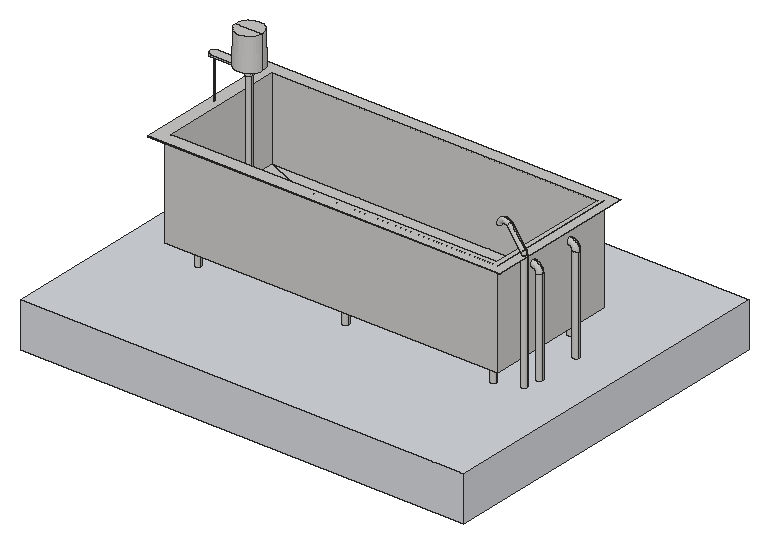
Revit family
Parameters (values of type "F-260-S")
  Waste Connection = yes
  WFU = 0
  Voltage = 0
  Vent Connection = no
  URL = "http://www.whitehallmfg.com"
  Type Comments = ""
  Turbine Assy. - 60 Hz = no
  Turbine Assy. - 50 Hz = no
  Tempered Water Connection = yes
  Revised Date = "23/09/2012"
  Phone# = "626-336-4561"
  Model = "F-260-S"
  Material = 304 Stainless Steel
  Manufacturer = "Whitehall Manufacturing"
  HWFU = 0
  HW Connection = yes
  Designed By = "ATS BIM Team"
  Description = "F Series 260 Gallon Stationary Full Body Immersion Tank F-260-S"
  Default Elevation = 0"
  CWFU = 0
  CW Connection = yes
  Assembly Code = ""
  Amperage = 0
  -WMB Wall Mounting Brackets = no
  -RC Recessed Stainless Steel Cabinet = no
  -PHS2 Patient Handling System (Chair Type) = no
  -PHS1 Patient Handling System (Stretcher Type) = no
  -PCS Pump Cover Strainer = no
  -OEH3 Overhead Electric Hoist (220V 60Hz) = no
  -OEH2 Overhead Electric Hoist (220V 50Hz) = no
  -OEH1 Overhead Electric Hoist (115V 60Hz) = no
  -MXWH Washout Hose Attachment = no
  -MXT5 Thermostatic Mixing Valve (125 G.P.M.) = no
  -MXT4 Thermostatic Mixing Valve (80 G.P.M.) = no
  -MXT3 Thermostatic Mixing Valve (45 G.P.M.) = no
  -GFI Ground Fault Interrupter = no
  -ECR Electric Cord Reel with 25' Cord = no
  -BSS Body Support Stretcher = no
  -BHS Body Hoist Sling = no
  -BH Body Hammock = no
  -AMF Adjustable Mounting Fixture = no
  -AEH Attachment for Electric Hoist = no
Reference planes (in)
  plane 1 "Center (Front/Back)": y = 0
  plane 2: z = 0
  plane 3 "Center (Left/Right)": x = 0
  plane 4: x = 45
  plane 5: x = -45
  plane 6: x = 47.5
  plane 7: x = -47.5
  plane 8: y = 18
  plane 9: y = -18
  plane 10: y = 20.5
  plane 11: y = -20.5
  plane 12: z = 32
  plane 13: z = 10
  plane 14: z = 43.7695312
  plane 15: z = 52.8671875
  plane 16: x = -36.5
  plane 17: y = -6.1875
  plane 18: y = 6.1875
  plane 19: y = -10.5
Forms (in)
  Extrusion 1, solid
    sketch origin (0, 0, 0) x (1, 0, 0) y (0, 1, 0)
      loop
        line (-60, 48) -> (-60, -48) -> (60, -48) -> (60, 48) -> (-60, 48)
    from 0 to -12
  Extrusion 2, solid, material "304 Stainless Steel" <- "Material"
    sketch origin (0, 0, 0) x (1, 0, 0) y (0, 1, 0)
      loop
        line (-45, 18) -> (-45, -18) -> (45, -18) -> (45, 18) -> (-45, 18)
      loop
        line (-44, 17) -> (-44, -17) -> (44, -17) -> (44, 17) -> (-44, 17)
    from 6 to 32
  Extrusion 3, solid, material "304 Stainless Steel" <- "Material"
    sketch origin (0, 0, 6) x (1, 0, 0) y (0, 1, 0)
      loop
        line (-44, 17) -> (-44, -17) -> (44, -17) -> (44, 17) -> (-44, 17)
    from 0 to 4
  Blend 4, void
    base sketch origin (0, 0, 0) x (1, 0, 0) y (0, 1, 0)
      loop
        circle (0, 0) r 1.5
    top sketch origin (0, 0, 0) x (1, 0, 0) y (0, 1, 0)
      loop
        line (-44, 17) -> (-44, -17) -> (44, -17) -> (44, 17) -> (-44, 17)
    from 9.3490258 to 10
  Extrusion 5, solid, material "304 Stainless Steel" <- "Material"
    sketch origin (0, 0, 0) x (1, 0, 0) y (0, 1, 0)
      loop
        circle (-39.9561006, 13) r 0.75
      loop
        circle (-39.9561006, -13) r 0.75
      loop
        circle (39.9561006, 13) r 0.75
      loop
        circle (39.9561006, -13) r 0.75
      loop
        circle (0, 13) r 0.75
      loop
        circle (0, -13) r 0.75
    from 0 to 6
  Extrusion 6, void
    sketch origin (0, 0, 0) x (1, 0, 0) y (0, 1, 0)
      loop
        circle (0, 0) r 1.5
    from 6 to 10
  Revolve 7, solid, material "304 Stainless Steel" <- "Material"
    sketch origin (-44.3103392, 0, -4.2841133) x (1, 0, 0) y (0, 0, 1)
      loop
        line (42.8728392, 12.0081391) -> (42.8103392, 12.0081391) -> (42.8103392, 9.8953281) -> (42.5603392, 9.8953281) -> (42.5603392, 9.3953281) -> (42.3103392, 9.3953281) -> (42.3103392, 8.6453281) -> (42.5603392, 8.6453281) -> (42.5603392, 7.6453281) -> (42.8103392, 7.6453281) -> (42.8103392, 4.2841133) -> (42.8728392, 4.2841133) -> (42.8728392, 12.0081391)
      axis (44.3103392, 4.2841133) -> (44.3103392, 12.0081391)
    angle from 0 to 360
  Sweep 8, solid, material "304 Stainless Steel" <- "Material"
    path origin (-5.0253392, 6.1875, -2.5) x (1, 0, 0) y (0, 0, -1)
      loop
        line (51.9353392, -2.5) -> (51.9353392, -28.3481295)
        arc (51.9353392, -28.3481295) -> (51.4491365, -29.5219268) -> (50.2753392, -30.0081295) r 1.66
        line (50.2753392, -30.0081295) -> (50.0253392, -30.0081295)
    profile origin (46.91, 6.1875, 12.9240648) x (1, 0, 0) y (0, 1, 0)
      loop
        circle (0, 0) r 0.83
  Sweep 9, solid, material "304 Stainless Steel" <- "Material"
    path origin (-5.0253392, -6.1875, -2.5) x (1, 0, 0) y (0, 0, 1)
      loop
        line (51.9353392, 2.5) -> (51.9353392, 28.3481295)
        arc (51.9353392, 28.3481295) -> (51.4491365, 29.5219268) -> (50.2753392, 30.0081295) r 1.66
        line (50.2753392, 30.0081295) -> (50.0253392, 30.0081295)
    profile origin (46.91, -6.1875, 12.9240648) x (-1, 0, 0) y (0, -1, 0)
      loop
        circle (0, 0) r 0.83
  Extrusion 10, solid, material "304 Stainless Steel" <- "Material"
    sketch origin (0, 0, -0.125) x (1, 0, 0) y (0, 1, 0)
      loop
        line (-47.5, 20.5) -> (-47.5, -20.5) -> (47.5, -20.5) -> (47.5, 20.5) -> (-47.5, 20.5)
      loop
        line (-44, 17) -> (-44, -17) -> (44, -17) -> (44, 17) -> (-44, 17)
    from 32 to 32.125
  Revolve 11, solid, material "304 Stainless Steel" <- "Material"
    sketch origin (-5.5463543, 0, 13.0078125) x (1, 0, 0) y (0, 0, 1)
      loop
        line (-30.9536457, -3.437763) -> (-30.9536457, 31.109375) -> (-31.9696457, 31.109375) -> (-31.9696457, 28.9711935) -> (-31.6411457, 28.9711935) -> (-31.6411457, -3.437763) -> (-30.9536457, -3.437763)
      axis (-30.9536457, -3.437763) -> (-30.9536457, 31.109375)
    angle from 0 to 360
  Revolve 12, solid, material "304 Stainless Steel" <- "Material"
    sketch origin (-5.5463543, 0, 13.0078125) x (1, 0, 0) y (0, 0, 1)
      loop
        line (-30.9536457, 31.109375) -> (-27.2036457, 31.109375) -> (-27.3806457, 39.859375) -> (-30.9536457, 39.859375) -> (-30.9536457, 31.109375)
      axis (-30.9536457, 31.109375) -> (-30.9536457, 39.859375)
    angle from 0 to 360
  Revolve 13, solid, material "304 Stainless Steel" <- "Material"
    sketch origin (-8.9975801, 0, 13.0078125) x (1, 0, 0) y (0, 0, 1)
      loop
        line (-37.0625, 18.9528512) -> (-37.0625, 30.5820817) -> (-37.1875, 30.5820817) -> (-37.1875, 18.9528512) -> (-37.0625, 18.9528512)
      axis (-37.0625, 18.9528512) -> (-37.0625, 30.5820817)
    angle from 0 to 360
  Blend 14, solid, material "304 Stainless Steel" <- "Material"
    base sketch origin (-4.2963543, 0, 13.0078125) x (1, 0, 0) y (0, 1, 0)
      loop
        circle (-32.2036457, 0) r 1
    top sketch origin (-4.2963543, 0, 13.0078125) x (1, 0, 0) y (0, 1, 0)
      loop
        circle (-32.2036457, 0) r 3.573
    from 29.8138137 to 31.109375
  Extrusion 15, solid, material "304 Stainless Steel" <- "Material"
    sketch origin (-8.9975801, 0, 13.0078125) x (1, 0, 0) y (0, 1, 0)
      loop
        line (-36.9536457, -1.2338543) -> (-28.7362741, -1.2338543)
        arc (-28.7362741, -1.2338543) -> (-27.5024199, 0) -> (-28.7362741, 1.2338543) r 1.2338543
        line (-28.7362741, 1.2338543) -> (-36.9536457, 1.2338543)
        arc (-36.9536457, 1.2338543) -> (-38.1875, 0) -> (-36.9536457, -1.2338543) r 1.2338543
    from 30.7617188 to 30.2822276
  Sweep 16, solid, material "304 Stainless Steel" <- "Material"
    path origin (1.875, 0, 0) x (1, 0, 0) y (0, 0, 1)
      loop
        arc (44.5, 32) -> (44.4349907, 32.3980831) -> (44.2467176, 32.7548038) r 1.2513319
        line (44.2467176, 32.7548038) -> (40.339659, 37.9209648)
        arc (40.339659, 37.9209648) -> (38.666083, 38.4382362) -> (37.6432743, 37.0161643) r 1.5
    profile origin (44.1681883, 0, 35.3378843) x (-0.79759, 0, -0.6032) y (0, -1, 0)
      loop
        circle (0.125, 10.5) r 0.625
  Sweep 17, solid, material "304 Stainless Steel" <- "Material"
    path origin (0, 0, 0) x (1, 0, 0) y (0, 0, 1)
      loop
        line (46.25, 31.875) -> (46.25, 0)
    profile origin (46.25, 0, 15.9375) x (0, -1, 0) y (1, 0, 0)
      loop
        circle (10.5, 0) r 0.83
Cuts and joins
  Blend 4, Extrusion 6 cuts Extrusion 2
  Blend 4, Extrusion 6 cuts Extrusion 3
  Extrusion 6 cuts Extrusion 5
  joined: Extrusion 2, Extrusion 3, Extrusion 5, Revolve 7, Sweep 8, Sweep 9, Extrusion 10, Revolve 11, Revolve 12, Revolve 13, Blend 14, Extrusion 15, Sweep 16, Sweep 17
Dimensions and locks (in)
  plane 5 to plane 4 = 90"
  plane 7 to plane 6 = 95"
  plane 8 to plane 9 = 36"
  plane 11 to plane 10 = 41"
  plane 12 to plane 2 = 32"
  plane 12 to plane 13 = 22"
  plane 7 to plane 16 = 11"
  plane 18 to plane 17 = 12 3/8"
  plane 19 to plane 1 "Center (Front/Back)" = 10 1/2"
  aligned and locked: plane 2 to Extrusion 1
  aligned and locked: level to Extrusion 1
Connectors (in)
  piping at (0, 0, 0)
    settings: on Revolve 7, index 1
  piping at (46.91, 6.1875, 0)
    settings: on Sweep 8, index 2
  piping at (46.91, -6.1875, 0)
    settings: on Sweep 9, index 3
  piping at (46.25, -10.5, 0)
    settings: on cut or joined group of Extrusion 2, Extrusion 3, Blend 4, Extrusion 5, Extrusion 6, Revolve 7, Sweep 8, Sweep 9, Extrusion 10, Revolve 11, Revolve 12, Revolve 13, Blend 14, Extrusion 15, Sweep 16, Sweep 17, index 4
